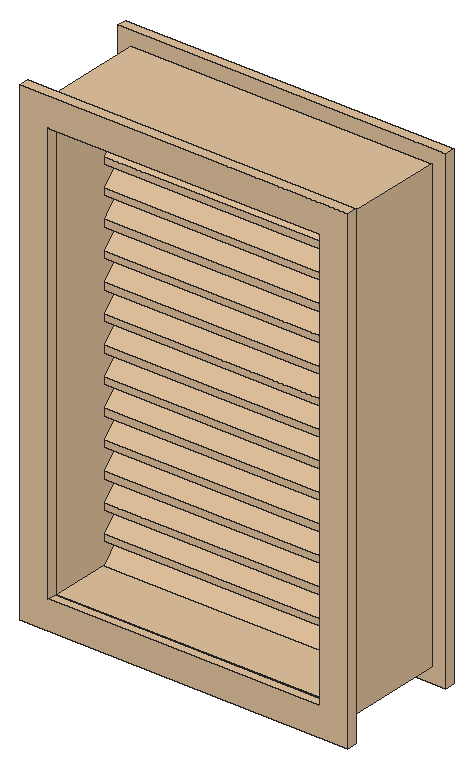
Revit family
Parameters (values of type "0406 x 0610mm")
  Frame Material = Wood - Birch
  Louvers Material = Wood - Birch
  Default Sill Height = 915.00 mm
  Trim Exterior Material = Wood - Birch
  Trim Interior Material = Wood - Birch
  Trim Projection - Ext. = 13.00 mm
  Trim Projection - Int. = 13.00 mm
  Trim Width - Exterior = 38.00 mm
  Trim Width - Interior = 38.00 mm
  Wall Closure = (empty or 0)
  Width = 406.00 mm
Types (3, lengths in mm): name | Width
  (no name) | 406.00
  0610 x 0610mm | 610.00
  0406 x 0610mm | 406.00
Reference planes
  plane 1: y = 0
  plane 2: z = 0
  plane 3 "Center": x = 0
  plane 4 "Left": x = -203
  plane 5 "Right": x = 203
  plane 6 "Sill": z = 915
  plane 7 "Top": z = 1524.6
  plane 8: y = 69.85
  plane 9: y = -82.55
  plane 10: x = -183.95
  plane 11: x = -221.95
  plane 12: x = -221.95
  plane 13: x = 221.95
  plane 14: x = 221.95
  plane 15: x = 183.95
  plane 16: z = 1543.55
  plane 17: z = 1543.55
  plane 18: z = 1505.55
  plane 19: z = 934.05
  plane 20: z = 896.05
  plane 21: z = 896.05
  plane 22: y = -1.992
Forms (mm)
  Extrusion 1, solid, material "Wood - Birch" <- "Frame Material"
    sketch origin (0, 0, 0) x (1, 0, 0) y (0, 0, 1)
      loop
        line (-203, 1524.6) -> (-203, 915) -> (203, 915) -> (203, 1524.6) -> (-203, 1524.6)
      loop
        line (-183.95, 1505.55) -> (-183.95, 934.05) -> (183.95, 934.05) -> (183.95, 1505.55) -> (-183.95, 1505.55)
    from -69.85 to 82.55
  Extrusion 2, solid, material "Wood - Birch" <- "Trim Interior Material"
    sketch origin (0, 0, 0) x (1, 0, 0) y (0, 0, 1)
      loop
        line (-183.95, 1505.55) -> (-183.95, 934.05) -> (183.95, 934.05) -> (183.95, 1505.55) -> (-183.95, 1505.55)
      loop
        line (-221.95, 1543.55) -> (-221.95, 896.05) -> (221.95, 896.05) -> (221.95, 1543.55) -> (-221.95, 1543.55)
    from 82.55 to 95.55
  Extrusion 3, solid, material "Wood - Birch" <- "Trim Exterior Material"
    sketch origin (0, 0, 0) x (-1, 0, 0) y (0, 0, 1)
      loop
        line (-183.95, 1505.55) -> (-183.95, 934.05) -> (183.95, 934.05) -> (183.95, 1505.55) -> (-183.95, 1505.55)
      loop
        line (-221.95, 1543.55) -> (-221.95, 896.05) -> (221.95, 896.05) -> (221.95, 1543.55) -> (-221.95, 1543.55)
    from 69.85 to 82.85
  Extrusion 4, solid, material "Wood - Birch" <- "Louvers Material"
    sketch origin (0, 0, 0) x (0, -1, 0) y (0, 0, 1)
      loop
        line (-69.85, 934.05) -> (-60.87, 934.05) -> (-33.929, 960.991) -> (-6.988, 934.05) -> (1.992, 934.05) -> (-33.929, 969.971) -> (-69.85, 934.05)
      loop
        line (-69.85, 972.15) -> (-69.85, 963.17) -> (-33.929, 999.091) -> (1.992, 963.17) -> (1.992, 972.15) -> (-33.929, 1008.071) -> (-69.85, 972.15)
      loop
        line (-69.85, 1010.25) -> (-69.85, 1001.27) -> (-33.929, 1037.191) -> (1.992, 1001.27) -> (1.992, 1010.25) -> (-33.929, 1046.171) -> (-69.85, 1010.25)
      loop
        line (-69.85, 1048.35) -> (-69.85, 1039.37) -> (-33.929, 1075.291) -> (1.992, 1039.37) -> (1.992, 1048.35) -> (-33.929, 1084.271) -> (-69.85, 1048.35)
      loop
        line (-69.85, 1086.45) -> (-69.85, 1077.47) -> (-33.929, 1113.391) -> (1.992, 1077.47) -> (1.992, 1086.45) -> (-33.929, 1122.371) -> (-69.85, 1086.45)
      loop
        line (-69.85, 1124.55) -> (-69.85, 1115.57) -> (-33.929, 1151.491) -> (1.992, 1115.57) -> (1.992, 1124.55) -> (-33.929, 1160.471) -> (-69.85, 1124.55)
      loop
        line (-69.85, 1162.65) -> (-69.85, 1153.67) -> (-33.929, 1189.591) -> (1.992, 1153.67) -> (1.992, 1162.65) -> (-33.929, 1198.571) -> (-69.85, 1162.65)
      loop
        line (-69.85, 1200.75) -> (-69.85, 1191.77) -> (-33.929, 1227.691) -> (1.992, 1191.77) -> (1.992, 1200.75) -> (-33.929, 1236.671) -> (-69.85, 1200.75)
      loop
        line (-69.85, 1238.85) -> (-69.85, 1229.87) -> (-33.929, 1265.791) -> (1.992, 1229.87) -> (1.992, 1238.85) -> (-33.929, 1274.771) -> (-69.85, 1238.85)
      loop
        line (-69.85, 1276.95) -> (-69.85, 1267.97) -> (-33.929, 1303.891) -> (1.992, 1267.97) -> (1.992, 1276.95) -> (-33.929, 1312.871) -> (-69.85, 1276.95)
      loop
        line (-69.85, 1315.05) -> (-69.85, 1306.07) -> (-33.929, 1341.991) -> (1.992, 1306.07) -> (1.992, 1315.05) -> (-33.929, 1350.971) -> (-69.85, 1315.05)
      loop
        line (-69.85, 1353.15) -> (-69.85, 1344.17) -> (-33.929, 1380.091) -> (1.992, 1344.17) -> (1.992, 1353.15) -> (-33.929, 1389.071) -> (-69.85, 1353.15)
      loop
        line (-69.85, 1391.25) -> (-69.85, 1382.27) -> (-33.929, 1418.191) -> (1.992, 1382.27) -> (1.992, 1391.25) -> (-33.929, 1427.171) -> (-69.85, 1391.25)
      loop
        line (-69.85, 1429.35) -> (-69.85, 1420.37) -> (-33.929, 1456.291) -> (1.992, 1420.37) -> (1.992, 1429.35) -> (-33.929, 1465.171) -> (-69.85, 1429.35)
      loop
        line (-69.85, 1467.35) -> (-69.85, 1458.37) -> (-33.929, 1494.291) -> (1.992, 1458.37) -> (1.992, 1467.35) -> (-33.929, 1503.271) -> (-69.85, 1467.35)
    from -183.95 to 183.95
Lines and regions (mm)
  Opening 1
    outline origin (-1524, -82.55, 0) x (1, 0, 0) y (0, 0, 1)
      loop
        line (1321, 1524.6) -> (1321, 915) -> (1727, 915) -> (1727, 1524.6) -> (1321, 1524.6)
  symbolic lines, style "WindowsFrameMullionProjection"
    curve 1: line (-203, 69.85, 0) -> (-183.95, 69.85, 0)
    curve 2: line (-183.95, -82.55, 0) -> (-183.95, 69.85, 0)
    curve 3: line (203, 69.85, 0) -> (183.95, 69.85, 0)
    curve 4: line (183.95, -82.55, 0) -> (183.95, 69.85, 0)
    curve 5: line (-183.95, -82.55, 0) -> (-203, -82.55, 0)
    curve 6: line (183.95, -82.55, 0) -> (203, -82.55, 0)
    curve 7: line (-183.95, 57.15, 1429.35) -> (183.95, 57.15, 1429.35)
    curve 8: line (-183.95, 57.15, 1391.25) -> (183.95, 57.15, 1391.25)
    curve 9: line (-183.95, 57.15, 1353.15) -> (183.95, 57.15, 1353.15)
    curve 10: line (-183.95, 57.15, 1315.05) -> (183.95, 57.15, 1315.05)
    curve 11: line (-183.95, 57.15, 1276.95) -> (183.95, 57.15, 1276.95)
    curve 12: line (-183.95, 57.15, 1238.85) -> (183.95, 57.15, 1238.85)
    curve 13: line (-183.95, 57.15, 1200.75) -> (183.95, 57.15, 1200.75)
    curve 14: line (-183.95, 57.15, 1162.65) -> (183.95, 57.15, 1162.65)
    curve 15: line (-183.95, 57.15, 1124.55) -> (183.95, 57.15, 1124.55)
    curve 16: line (-183.95, 57.15, 1086.45) -> (183.95, 57.15, 1086.45)
    curve 17: line (-183.95, 57.15, 1048.35) -> (183.95, 57.15, 1048.35)
    curve 18: line (-183.95, 57.15, 1010.25) -> (183.95, 57.15, 1010.25)
    curve 19: line (-183.95, 57.15, 972.15) -> (183.95, 57.15, 972.15)
    curve 20: line (-183.95, 57.15, 1467.45) -> (183.95, 57.15, 1467.45)
    curve 21: line (-183.95, -1.992, 0) -> (183.95, -1.992, 0)
    curve 22: line (183.95, 69.85, 0) -> (-183.95, 69.85, 0)
Text (mm)
  text "EXTERIOR" at (-732.227, 621.858, 0), in view "Floor Line"
  text "INTERIOR" at (-732.227, -875.3, 0), in view "Floor Line"
  text "Exterior" at (0, 788.537, 2013.563), in view "Left"
  text "Exterior" at (0, 464.664, 3176.206), in view "Right"
Dimensions and locks
  equal spacing: plane 4 "Left", plane 3 "Center", plane 5 "Right"
  "Width": plane 4 "Left" to plane 5 "Right"
  "Default Sill Height": plane 2 to plane 6 "Sill"
  "Trim Projection - Int.": Extrusion 2 to Extrusion 2
  "Trim Projection - Ext.": Extrusion 3 to Extrusion 3
  locked: plane 4 "Left" to plane 10 at 19.05
  locked: plane 15 to plane 5 "Right" at 19.05
  plane 18 to plane 7 "Top" = 19.05 mm
  "Trim Width - Exterior": plane 18 to plane 16
  "Trim Width - Exterior": plane 15 to plane 13
  "Trim Width - Exterior": plane 11 to plane 10
  plane 19 to plane 6 "Sill" = 19.05 mm
  "Trim Width - Interior": plane 19 to plane 20
  "Trim Width - Interior": plane 12 to plane 10
  "Trim Width - Interior": plane 15 to plane 14
  "Trim Width - Interior": plane 17 to plane 18
  "Trim Width - Exterior": plane 21 to plane 19
  locked: plane 8 to plane 22 at 71.842
  locked: plane 10 to Extrusion 4 at 0
  locked: Extrusion 4 to plane 15
  locked: plane 6 "Sill" to plane 7 "Top" at 609.6
  aligned and locked: plane 7 "Top" to Opening 1 sketch curve
  aligned and locked: plane 6 "Sill" to Opening 1 sketch curve  (x2)
  aligned and locked: plane 5 "Right" to Opening 1 sketch curve
  aligned and locked: plane 4 "Left" to Opening 1 sketch curve
  aligned and locked: plane 9 to host wall
  aligned and locked: plane 8 to host wall
  aligned and locked: host wall to Extrusion 1  (x2)
  aligned and locked: curve 3 to Extrusion 1  (x2)
  aligned and locked: Extrusion 2 to host wall
  aligned and locked: Extrusion 3 sketch curve to Extrusion 1  (x4)
  aligned and locked: Extrusion 3 to host wall
Automatic sketch dimensions
  Extrusion 1 sketch curve to plane 4 "Left" = 0.00 mm
  Extrusion 1 sketch curve to plane 5 "Right" = 0.00 mm
  Extrusion 1 sketch curve to plane 4 "Left" = 19.05 mm
  plane 5 "Right" to Extrusion 1 sketch curve = 19.05 mm
  Extrusion 1 sketch curve to plane 6 "Sill" = 0.00 mm
  Extrusion 1 sketch curve to plane 7 "Top" = 0.00 mm
  Extrusion 1 sketch curve to plane 6 "Sill" = 19.05 mm
  plane 7 "Top" to Extrusion 1 sketch curve = 19.05 mm
  Extrusion 2 sketch curve to plane 12 = 0.00 mm
  Extrusion 2 sketch curve to plane 10 = 0.00 mm
  Extrusion 2 sketch curve to plane 15 = 0.00 mm
  Extrusion 2 sketch curve to plane 14 = 0.00 mm
  Extrusion 2 sketch curve to plane 20 = 0.00 mm
  Extrusion 2 sketch curve to plane 19 = 0.00 mm
  Extrusion 2 sketch curve to plane 18 = 0.00 mm
  Extrusion 2 sketch curve to plane 17 = 0.00 mm
  Extrusion 3 sketch curve to plane 13 = 0.00 mm
  Extrusion 3 sketch curve to plane 11 = 0.00 mm
  Extrusion 3 sketch curve to plane 21 = 0.00 mm
  Extrusion 3 sketch curve to plane 16 = 0.00 mm
  Extrusion 4 sketch curve to plane 8 = 0.00 mm  (x35)
  Extrusion 4 sketch curve to plane 22 = 0.00 mm  (x35)
  plane 18 to Extrusion 4 sketch curve = 76.20 mm  (x4)
  plane 16 to Extrusion 4 sketch curve = 76.20 mm  (x4)
  Extrusion 4 sketch curve to Extrusion 4 sketch curve = 8.98 mm  (x38)
  Extrusion 4 sketch curve to plane 8 = 35.921 mm  (x13)
  Extrusion 4 sketch curve to Extrusion 4 sketch curve = 0.00 mm  (x97)
  plane 18 to Extrusion 4 sketch curve = 87.359 mm  (x2)
  plane 7 "Top" to Extrusion 4 sketch curve = 68.309 mm  (x2)
  plane 16 to Extrusion 4 sketch curve = 78.379 mm  (x2)
  plane 18 to Extrusion 4 sketch curve = 78.379 mm  (x2)
  Extrusion 4 sketch curve to Extrusion 4 sketch curve = 38.10 mm  (x2)
  Extrusion 4 sketch curve to Extrusion 4 sketch curve = 29.12 mm  (x35)
  plane 16 to Extrusion 4 sketch curve = 49.259 mm
  curve 20 to plane 15 = 0.00 mm
  curve 20 to plane 10 = 0.00 mm
  curve 7 to plane 10 = 0.00 mm
  curve 7 to plane 15 = 0.00 mm
  curve 8 to plane 15 = 0.00 mm
  curve 8 to plane 10 = 0.00 mm
  curve 9 to plane 10 = 0.00 mm
  curve 9 to plane 15 = 0.00 mm
  curve 10 to plane 10 = 0.00 mm
  curve 10 to plane 15 = 0.00 mm
  curve 11 to plane 15 = 0.00 mm
  curve 11 to plane 10 = 0.00 mm
  curve 12 to plane 15 = 0.00 mm
  curve 12 to plane 10 = 0.00 mm
  curve 13 to plane 15 = 0.00 mm
  curve 13 to plane 10 = 0.00 mm
  curve 14 to plane 15 = 0.00 mm
  curve 14 to plane 10 = 0.00 mm
  curve 15 to plane 10 = 0.00 mm
  curve 15 to plane 15 = 0.00 mm
  curve 16 to plane 10 = 0.00 mm
  curve 16 to plane 15 = 0.00 mm
  curve 17 to plane 15 = 0.00 mm
  curve 17 to plane 10 = 0.00 mm
  curve 18 to plane 10 = 0.00 mm
  curve 18 to plane 15 = 0.00 mm
  curve 19 to plane 10 = 0.00 mm
  curve 19 to plane 15 = 0.00 mm
  plane 7 "Top" to curve 20 = 57.15 mm
  curve 20 to curve 7 = 38.10 mm
  curve 7 to curve 8 = 38.10 mm
  curve 8 to curve 9 = 38.10 mm
  curve 9 to curve 10 = 38.10 mm
  curve 10 to curve 11 = 38.10 mm
  curve 11 to curve 12 = 38.10 mm
  curve 12 to curve 13 = 38.10 mm
  curve 13 to curve 14 = 38.10 mm
  curve 14 to curve 15 = 38.10 mm
  curve 15 to curve 16 = 38.10 mm
  curve 16 to curve 17 = 38.10 mm
  curve 17 to curve 18 = 38.10 mm
  curve 18 to curve 19 = 38.10 mm
  curve 5 to plane 4 "Left" = 0.00 mm
  curve 1 to plane 4 "Left" = 0.00 mm
  curve 2 to plane 10 = 0.00 mm
  curve 3 to plane 15 = 0.00 mm
  curve 6 to plane 5 "Right" = 0.00 mm
  curve 5 to plane 9 = 0.00 mm
  curve 4 to plane 9 = 0.00 mm
  plane 1 to curve 21 = 1.992 mm
